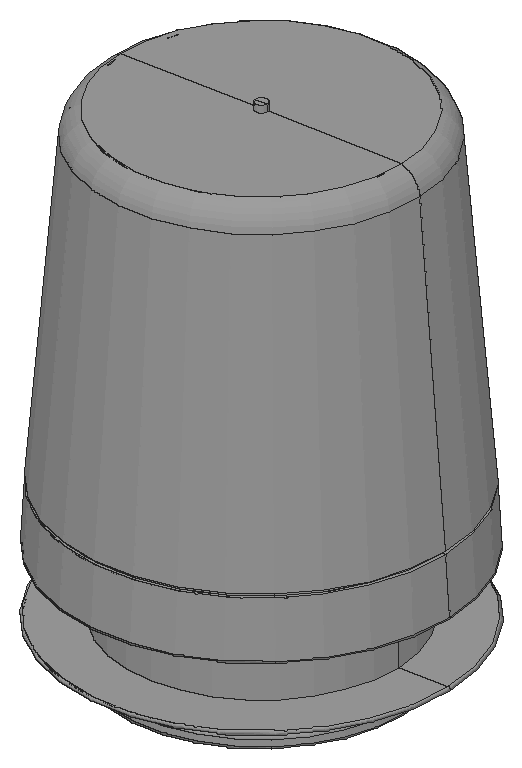
Revit family "Speaker_AtlasIED_SHS-3T2", category Electrical Fixtures, host Ceiling, Revit 2022
Family settings
  Host = Ceiling
  Round Connector Dimension = Use Diameter
  Part Type = Normal
  OmniClass Number = 23.80.00.00
  OmniClass Title = Electric Power and Lighting
  Always vertical = Yes
  Cut with Voids When Loaded = No
  Maintain Annotation Orientation = No
  Shared = No
  Room Calculation Point = No
Parameters
  URL = "https://www.atlasied.com/shs-series-overview"
  Model = "SHS-3T2"
  Manufacturer = "Atlas Sound"
  Description = "Ceiling"
  Default Elevation = 0.0 mm
Reference planes
  plane 1 "Center (Front/Back)": y = 0
  plane 2 "Ceiling": z = 2438.4
  plane 3 "Center (Left/Right)": x = 0
  plane 4: x = -161.65
  plane 5: x = 161.65
  plane 6: y = -161.65
  plane 7: y = 161.65
  plane 8: y = 211.688
  plane 9: y = -211.688
  plane 10: x = -248.5
  plane 11: x = 248.5
  plane 12: x = 0
  plane 13: x = -273.15
  plane 14: x = 364.5
  plane 15: z = 2450.9
  plane 16: x = 405.61
Forms (mm)
  Revolve 1, solid, material "Default"
    sketch origin (0, 0, 2428.405) x (1, 0, 0) y (0, 0, 1)
      loop
        arc (38.627, 114.565) -> (37.277, 118.036) -> (34.356, 120.348) r 7.111
        line (34.356, 120.348) -> (1.5, 120.348) -> (1.5, 121.848) -> (0, 121.848) -> (0, 119.189) -> (34.666, 119.189)
        arc (34.666, 119.189) -> (36.764, 117.196) -> (37.733, 114.47) r 6.211
        arc (37.733, 114.47) -> (41.289, 77.507) -> (44.089, 40.48) r 1816.906
        line (44.089, 40.48) -> (43.187, 40.48)
        arc (43.187, 40.48) -> (43.272, 39.172) -> (43.356, 37.863) r 1816.006
        line (43.356, 37.863) -> (44.258, 37.863)
        arc (44.258, 37.863) -> (44.637, 31.772) -> (44.996, 25.68) r 1816.906
        line (44.996, 25.68) -> (32.519, 25.68) -> (32.519, 9.095) -> (41.959, 9.095)
        arc (41.959, 9.095) -> (35.545, 8.041) -> (29.048, 7.879) r 47.117
        arc (29.048, 7.879) -> (27.918, 7.074) -> (26.958, 6.073) r 7.44
        arc (26.958, 6.073) -> (25.286, 4.527) -> (23.227, 3.556) r 7.472
        line (23.227, 3.556) -> (23.227, 2.485)
        arc (23.227, 2.485) -> (28.554, 2.089) -> (33.896, 2.082) r 73.36
        line (33.896, 2.082) -> (33.938, 0.884) -> (0, 0.884) -> (0, -0.016) -> (34.241, -0.016)
        arc (34.241, -0.016) -> (34.672, 0.092) -> (34.852, 0.497) r 0.506
        line (34.852, 0.497) -> (34.8, 1.997)
        arc (34.8, 1.997) -> (34.512, 2.692) -> (33.817, 2.98) r 0.983
        arc (33.817, 2.98) -> (29.325, 2.964) -> (24.84, 3.227) r 72.46
        arc (24.84, 3.227) -> (26.377, 4.215) -> (27.662, 5.513) r 8.372
        arc (27.662, 5.513) -> (27.977, 5.936) -> (28.265, 6.378) r 8.372
        arc (28.265, 6.378) -> (28.582, 6.746) -> (29.008, 6.98) r 1.365
        arc (29.008, 6.98) -> (37.393, 7.344) -> (45.586, 9.162) r 48.017
        arc (45.586, 9.162) -> (45.95, 9.599) -> (45.544, 9.995) r 0.418
        line (45.544, 9.995) -> (33.419, 9.995) -> (33.419, 24.78) -> (45.419, 24.78)
        arc (45.419, 24.78) -> (45.783, 24.936) -> (45.918, 25.308) r 0.5
        arc (45.918, 25.308) -> (45.523, 32.037) -> (45.102, 38.763) r 1817.806
        line (45.102, 38.763) -> (44.2, 38.763)
        arc (44.2, 38.763) -> (44.174, 39.172) -> (44.148, 39.58) r 1816.906
        line (44.148, 39.58) -> (45.05, 39.58)
        arc (45.05, 39.58) -> (42.227, 77.106) -> (38.627, 114.565) r 1817.806
      axis (0, -0.016) -> (0, 121.848)
    angle from 0 to 360
  Extrusion 2, void
    sketch origin (0, 0, 2428.405) x (1, 0, 0) y (0, 1, 0)
      loop
        arc (-7.531, 19.293) -> (-6.316, 22.088) -> (-9.111, 23.303) r 2.155
        arc (-9.111, 23.303) -> (-12.403, 21.715) -> (-15.423, 19.659) r 24.655
        arc (-15.423, 19.659) -> (-15.768, 16.631) -> (-12.74, 16.286) r 2.155
        arc (-12.74, 16.286) -> (-10.248, 17.983) -> (-7.531, 19.293) r 20.345
      loop
        circle (-19.561, 11.614) r 2.153
      loop
        arc (-20.197, 3.371) -> (-22.009, 5.821) -> (-24.459, 4.008) r 2.155
        arc (-24.459, 4.008) -> (-24.702, 1.547) -> (-24.696, -0.927) r 24.655
        arc (-24.696, -0.927) -> (-22.431, -2.966) -> (-20.392, -0.701) r 2.155
        arc (-20.392, -0.701) -> (-20.397, 1.34) -> (-20.197, 3.371) r 20.345
      loop
        circle (-0.075, 22.864) r 2.153
      loop
        circle (-0.072, 0.368) r 12.174
      loop
        circle (-19.561, -10.91) r 2.153
      loop
        circle (-0.075, -22.239) r 2.153
      loop
        arc (-11.156, -16.699) -> (-14.137, -17.333) -> (-13.503, -20.314) r 2.155
        arc (-13.503, -20.314) -> (-11.364, -21.555) -> (-9.111, -22.576) r 24.655
        arc (-9.111, -22.576) -> (-6.316, -21.361) -> (-7.531, -18.566) r 2.155
        arc (-7.531, -18.566) -> (-9.39, -17.723) -> (-11.156, -16.699) r 20.345
      loop
        arc (7.375, 19.293) -> (10.091, 17.983) -> (12.584, 16.286) r 20.345
        arc (12.584, 16.286) -> (15.612, 16.631) -> (15.267, 19.659) r 2.155
        arc (15.267, 19.659) -> (12.246, 21.715) -> (8.955, 23.303) r 24.655
        arc (8.955, 23.303) -> (6.16, 22.088) -> (7.375, 19.293) r 2.155
      loop
        circle (19.404, 11.614) r 2.153
      loop
        arc (20.04, 3.371) -> (20.24, 1.34) -> (20.236, -0.701) r 20.345
        arc (20.236, -0.701) -> (22.275, -2.966) -> (24.54, -0.927) r 2.155
        arc (24.54, -0.927) -> (24.545, 1.547) -> (24.303, 4.008) r 24.655
        arc (24.303, 4.008) -> (21.853, 5.821) -> (20.04, 3.371) r 2.155
      loop
        circle (19.404, -10.91) r 2.153
      loop
        arc (10.999, -16.699) -> (9.234, -17.723) -> (7.375, -18.566) r 20.345
        arc (7.375, -18.566) -> (6.16, -21.361) -> (8.955, -22.576) r 2.155
        arc (8.955, -22.576) -> (11.208, -21.555) -> (13.347, -20.314) r 24.655
        arc (13.347, -20.314) -> (13.98, -17.333) -> (10.999, -16.699) r 2.155
    from 0.9 to 2.995
Dimensions and locks
  equal spacing: host sketch curve, plane 3 "Center (Left/Right)", host sketch curve
  equal spacing: host sketch curve, plane 1 "Center (Front/Back)", host sketch curve
  host sketch curve to host sketch curve = 137.0 mm
  host sketch curve to host sketch curve = 133.375 mm
  plane 10 to plane 11 = 497.0 mm
  plane 8 to plane 9 = 423.375 mm
